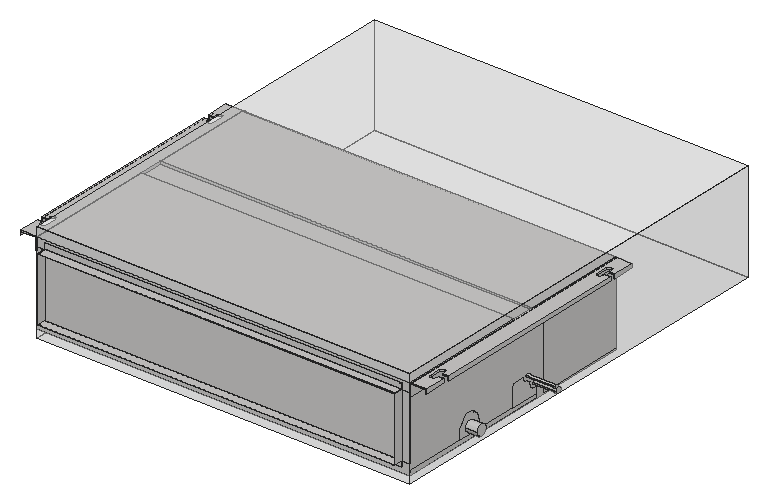
Revit family "outputfile", category 機械設備, Revit 2024
Family settings
  丸型コネクタ寸法 = 半径を使用
  パーツ タイプ = 標準
  OmniClass 番号 = 23.75.10.24.21.27.27
  OmniClass タイトル = Split System Air Conditioning Units
  作業面ベース = いいえ
  常に垂直 = はい
  ロード時にボイドで切り取り = いいえ
  注釈の向きを維持 = いいえ
  共有 = いいえ
  部屋計算ポイント = はい
Parameters (values of type "FDLF40DV14")
  Description = ""
  書き出し IFC クラス(タイプ) = "IfcUnitaryEquipmentType"
  定義済み IFC タイプ(タイプ) = "AIRCONDITIONINGUNIT"
  Cost = 0
  Type Comments = ""
  Keynote = ""
  Type Image = (empty or 0)
  Assembly Code = ""
  switch_frequency = yes
  ld_powersupply = Depth / 2  # 310 mm
  connector_voltage = Voltage_50Hz  # 230 V
  connector_powerinput = [Power Input (Cooling)]  # 0.000 kW
  connector_phase = Phase_50Hz  # 1
  angle_liquidpipe [instance] = if(Right Connection_refrigerant, 90.00°, 270.00°)  # 90.00°
  angle_gaspipe [instance] = if(Right Connection_refrigerant, 90.00°, 270.00°)  # 90.00°
  angle_drainpipe [instance] = if(Right Connection_refrigerant, 90.00°, 270.00°)  # 90.00°
  URL = ""
  Right Connection_refrigerant [instance] = yes
  製造元 = "Daikin"
  モデル = "FDLF40DV14"
  r_Liquid Pipe Size = Liquid Pipe Size / 2  # 3.2 mm
  r_Gas Pipe Size = Gas Pipe Size / 2  # 6.35 mm
  r_Drain Pipe Size = Drain Pipe Size / 2  # 12.5 mm
  lw_powersupply = 50 mm  # constant formula
  lw_ductflange2 = 803 mm
  lw_Width = 860 mm
  lh_suctionflange [instance] = 100 mm  # constant formula
  ld_suctionflange [instance] = if(Rear Connection_Return Air, 190.25 mm, 100.25 mm)  # 190.25 mm
  angle_vertical_RA [instance] = if(Rear Connection_Return Air, 90.00°, 0.00°)  # 90.00°
  angle horizontal_RA [instance] = if(Rear Connection_Return Air, 180.00°, 270.00°)  # 180.00°
  Voltage_comment_50Hz = "220 - 240"
  Voltage_50Hz = 230 V
  Supply Air Direction [instance] = yes
  Sound Power Level_H speed (dB) = 0
  Rear Connection_Return Air [instance] = not(Bottom Connection_Return Air)  # yes
  RA_length [instance] = if(Rear Connection_Return Air, 190.25 mm, 100 mm)  # 190.25 mm
  Phase_50Hz = 1
  Minimum External Static Pressure = 15.00 Pa
  Minimum Circuit Amps_50Hz = 0.0 A
  Maximum Fuse Amps_50Hz = 0.0 A
  Maximum External Static Pressure = 38.00 Pa
  Material_Casing = DAIKIN_GalvanizedSteel_Casing_indoorunit
  lw_liquidpipe = 521 mm
  lw_gaspipe = 508 mm
  lw_mountinghole = 940 mm
  lw_drainpipe = 480 mm
  lh_powersupply = 150 mm  # constant formula
  lh_liquidpipe = 138 mm  # constant formula
  lh_gaspipe = 160 mm  # constant formula
  lh_mountinghole = Height  # 200 mm
  lh_drainpipe = 170 mm  # constant formula
  lh_antena = 1 mm  # constant formula
  ld_liquidpipe = 353 mm  # constant formula
  ld_gaspipe = 375 mm  # constant formula
  ld_mountinghole = 500 mm  # constant formula
  ld_drainpipe = 178 mm  # constant formula
  ld_controlbox = 626 mm  # constant formula
  h*** = 0 mm  # constant formula
  d_dischargeflange = 21.2 mm  # constant formula
  Width = 900 mm
  Version = "ver.1.0"
  Unit Type = "L.S.P. Duct for Living room"
  Unit Mass Weight = 28.00 kg
  Unit Designation [instance] = ""
  Uniclass2015Version = "Products v1.30"
  Uniclass2015Title = "Split coil room air conditioning units"
  Uniclass2015Code = "Pr_70_65_03_86"
  Total Cooling Capacity [instance] = 0.000 kW
  Sound Pressure Level_M speed (dBA) = 33
  Sound Pressure Level_L speed (dBA) = 30
  Sound Pressure Level_H speed (dBA) = 37
  Series = "SkyAir_Fan Coil Unit"
  Sensible Cooling Capacity [instance] = 0.000 kW
  SA Duct Size Width = 860 mm
  SA Duct Size Height = 153 mm
  Refrigerant Type = "R32"
  RA Duct Size Width = 761 mm
  RA Duct Size Height = 160 mm
  Power Input (Cooling) = 0.000 kW
  Option Accessory 3 [instance] = ""
  Option Accessory 2 [instance] = ""
  Option Accessory 1 [instance] = ""
  Nominal Cooling Capacity = 4.000 kW
  Minimum Airflow = 720.00 m³/h
  Median Airflow = 840.00 m³/h
  Maximum Airflow = 960.00 m³/h
  Load Classification = HVAC
  Liquid Pipe Size = 6.4 mm
  Link_Nested Family [instance] = ""
  Left Connection_refrigerant [instance] = not(Right Connection_refrigerant)  # no
  IfcVersion = ""
  IfcExportType = "AIRCONDITIONINGUNIT"
  IfcExportAs = "IfcUnitaryEquipmentType"
  Height = 200 mm
  Heat Exchanger Type = "Cross Fin Coil"
  Gas Pipe Size = 12.7 mm
  Frequency_50Hz = 50 Hz
  Fan Type = "Sirocco Fan"
  Fan Drive = "Direct Drive"
  FCU Tag No. [instance] = ""
  Drain Pipe Size = 25.0 mm
  Design Supply Airflow [instance] = 0.00 m³/h
  Design Return Airflow [instance] = 0.00 m³/h
  Design External Static Pressure [instance] = 0.00 Pa
  Depth = 620 mm
  既定の高さ = 0 mm
  Cooling Entering Wet Bulb Temperature [instance] = 0.00 °C
  Cooling Entering Dry Bulb Temperature [instance] = 0.00 °C
  Cooling Ambient Wet Bulb Temperature [instance] = 0.00 °C
  Cooling Ambient Dry Bulb Temperature [instance] = 0.00 °C
  Clearance visibility [instance] = yes
  Clearance Top = 20 mm
  Clearance Right = 0 mm
  Clearance Rear = 400 mm
  Clearance Left = 0 mm
  Clearance Front = 0 mm
  Clearance Bottom = 20 mm
  Bottom Connection_Return Air [instance] = no
Reference planes
  plane 1 "Center (Front/Back)": y = 0
  plane 2: z = 0
  plane 3 "Center (Left/Right)": x = 0
  plane 4 "Back": y = 310
  plane 5 "Front": y = -310
  plane 6 "Left": x = -450
  plane 7 "Right": x = 450
  plane 8 "Top": z = 0
  plane 9 "Bottom": z = -200
  plane 10: x = -470
  plane 11: x = 470
  plane 12: y = 250
  plane 13: z = 0
  plane 14 "Clearance Left": x = -450
  plane 15 "Clearance Right": x = 450
  plane 16 "Clearance Rear": y = 710
  plane 17 "Clearance Front": y = -310
  plane 18 "Clearance Top": z = 20
  plane 19 "Clearance Bottom": z = -220
  plane 20: y = -250
  plane 21: z = -21
  plane 22: z = -97.5
  plane 23: x = -48.5
  plane 24: y = 119.75
  plane 25: z = -100
  plane 26: y = 65
  plane 27: z = -160
  plane 28: y = 43
  plane 29: z = -138
  plane 30: y = -132
  plane 31: z = -170
  plane 32: x = 508
  plane 33: x = 521
  plane 34: x = 480
  plane 35: x = 400
  plane 36: z = -150
  plane 37: x = -480
  plane 38: x = -521
  plane 39: x = -508
Forms (mm)
  Extrusion 1, solid, material "DAIKIN_GalvanizedSteel_Casing_indoorunit" <- "Material_Casing"
    sketch origin (0, 0, 0) x (1, 0, 0) y (0, 1, 0)
      loop
        line (-450, -310) -> (450, -310) -> (450, 310) -> (-450, 310) -> (-450, -310)
    from -200 to 0
  Extrusion 2, void
    sketch origin (0, 0, 1) x (1, 0, 0) y (0, 1, 0)
      loop
        line (-450, 61.5) -> (-450, 3.5) -> (450, 3.5) -> (450, 61.5) -> (-450, 61.5)
    from -1 to -7
  Extrusion 3, solid, material "DAIKIN_GalvanizedSteel_Casing_indoorunit" <- "Material_Casing", visible <- "Bottom Connection_Return Air"
    sketch origin (0, 0, 0) x (1, 0, 0) y (0, 0, 1)
      loop
        line (352, -199.25) -> (352, -0.75) -> (-449, -0.75) -> (-449, -199.25) -> (352, -199.25)
    from -310 to -309
  Extrusion 4, solid, material "DAIKIN_GalvanizedSteel_Casing_indoorunit" <- "Material_Casing", visible <- "Rear Connection_Return Air"
    sketch origin (0, 0, 0) x (1, 0, 0) y (0, 1, 0)
      loop
        line (-449, 309) -> (-449, 110.5) -> (352, 110.5) -> (352, 309) -> (-449, 309)
    from -200 to -199
  Extrusion 5, solid, material "DAIKIN_GalvanizedSteel_Casing_indoorunit" <- "Material_Casing", visible <- "Right Connection_refrigerant"
    sketch origin (450, 0, 0) x (0, 1, 0) y (0, 0, 1)
      loop
        circle (65, -160) r 6.35
    from 0 to 58
  Extrusion 6, solid, material "DAIKIN_GalvanizedSteel_Casing_indoorunit" <- "Material_Casing", visible <- "Right Connection_refrigerant"
    sketch origin (450, 0, 0) x (0, 1, 0) y (0, 0, 1)
      loop
        circle (43, -138) r 3.2
    from 0 to 71
  Extrusion 7, solid, material "DAIKIN_GalvanizedSteel_Casing_indoorunit" <- "Material_Casing", visible <- "Right Connection_refrigerant"
    sketch origin (450, 0, 0) x (0, 1, 0) y (0, 0, 1)
      loop
        line (-310, -200) -> (70, -200) -> (70, -190) -> (-310, -190) -> (-310, -200)
    from 0 to -1
  Extrusion 8, solid, material "DAIKIN_GalvanizedSteel_Casing_indoorunit" <- "Material_Casing", visible <- "Right Connection_refrigerant"
    sketch origin (450, 0, 0) x (0, 1, 0) y (0, 0, 1)
      loop
        arc (96, -27.5) -> (93.879, -28.379) -> (93, -30.5) r 3
        line (93, -30.5) -> (93, -194.5)
        arc (93, -194.5) -> (93.879, -196.621) -> (96, -197.5) r 3
        line (96, -197.5) -> (310, -197.5) -> (310, -27.5) -> (96, -27.5)
    from 0 to -1
  Extrusion 9, solid, material "DAIKIN_GalvanizedSteel_Casing_indoorunit" <- "Material_Casing", visible <- "Right Connection_refrigerant"
    sketch origin (450, 0, 0) x (0, 1, 0) y (0, 0, 1)
      loop
        arc (-104, -170) -> (-132, -142) -> (-160, -170) r 28
        line (-160, -170) -> (-160, -190) -> (-104, -190) -> (-104, -170)
    from 0 to -1
  Extrusion 10, solid, material "DAIKIN_GalvanizedSteel_Casing_indoorunit" <- "Material_Casing", visible <- "Right Connection_refrigerant"
    sketch origin (450, 0, 0) x (0, 1, 0) y (0, 0, 1)
      loop
        line (70, -190) -> (70, -174.671)
        arc (70, -174.671) -> (54.678, -171.563) -> (49.857, -156.691) r 15.5
        line (49.857, -156.691) -> (43.472, -150.991)
        arc (43.472, -150.991) -> (34.343, -147.698) -> (30.039, -139) r 13
        line (30.039, -139) -> (2, -139)
        arc (2, -139) -> (-0.121, -139.879) -> (-1, -142) r 3
        line (-1, -142) -> (-1, -190) -> (70, -190)
    from 0 to -1
  Extrusion 11, solid, material "DAIKIN_GalvanizedSteel_Casing_indoorunit" <- "Material_Casing", visible <- "Left Connection_refrigerant"
    sketch origin (-450, 0, 0) x (0, 1, 0) y (0, 0, 1)
      loop
        line (-310, -200) -> (70, -200) -> (70, -190) -> (-310, -190) -> (-310, -200)
    from 0 to -1
  Extrusion 12, solid, material "DAIKIN_GalvanizedSteel_Casing_indoorunit" <- "Material_Casing", visible <- "Left Connection_refrigerant"
    sketch origin (-450, 0, 0) x (0, 1, 0) y (0, 0, 1)
      loop
        arc (96, -27.5) -> (93.879, -28.379) -> (93, -30.5) r 3
        line (93, -30.5) -> (93, -194.5)
        arc (93, -194.5) -> (93.879, -196.621) -> (96, -197.5) r 3
        line (96, -197.5) -> (310, -197.5) -> (310, -27.5) -> (96, -27.5)
    from 0 to -1
  Extrusion 13, solid, material "DAIKIN_GalvanizedSteel_Casing_indoorunit" <- "Material_Casing", visible <- "Left Connection_refrigerant"
    sketch origin (-450, 0, 0) x (0, 1, 0) y (0, 0, 1)
      loop
        arc (-104, -170) -> (-132, -142) -> (-160, -170) r 28
        line (-160, -170) -> (-160, -190) -> (-104, -190) -> (-104, -170)
    from 0 to -1
  Extrusion 14, solid, material "DAIKIN_GalvanizedSteel_Casing_indoorunit" <- "Material_Casing", visible <- "Left Connection_refrigerant"
    sketch origin (-450, 0, 0) x (0, 1, 0) y (0, 0, 1)
      loop
        line (70, -190) -> (70, -174.671)
        arc (70, -174.671) -> (54.678, -171.563) -> (49.857, -156.691) r 15.5
        line (49.857, -156.691) -> (43.472, -150.991)
        arc (43.472, -150.991) -> (34.343, -147.698) -> (30.039, -139) r 13
        line (30.039, -139) -> (2, -139)
        arc (2, -139) -> (-0.121, -139.879) -> (-1, -142) r 3
        line (-1, -142) -> (-1, -190) -> (70, -190)
    from 0 to -1
  Extrusion 15, solid, material "DAIKIN_GalvanizedSteel_Casing_indoorunit" <- "Material_Casing", visible <- "Left Connection_refrigerant"
    sketch origin (-450, 0, 0) x (0, 1, 0) y (0, 0, 1)
      loop
        circle (43, -138) r 3.2
    from -71 to 0
  Extrusion 16, solid, material "DAIKIN_GalvanizedSteel_Casing_indoorunit" <- "Material_Casing", visible <- "Left Connection_refrigerant"
    sketch origin (-450, 0, 0) x (0, 1, 0) y (0, 0, 1)
      loop
        circle (65, -160) r 6.35
    from -58 to 0
  Extrusion 17, solid, material "DAIKIN_GalvanizedSteel_Casing_indoorunit" <- "Material_Casing", visible <- "Left Connection_refrigerant"
    sketch origin (-450, 0, 0) x (0, 1, 0) y (0, 0, 1)
      loop
        circle (-132, -170) r 12.5
    from -30 to 0
  Extrusion 18, solid, material "DAIKIN_GalvanizedSteel_Casing_indoorunit" <- "Material_Casing", visible <- "Right Connection_refrigerant"
    sketch origin (450, 0, 0) x (0, 1, 0) y (0, 0, 1)
      loop
        circle (-132, -170) r 12.5
    from 0 to 30
Cuts and joins
  Extrusion 2 cuts Extrusion 1
Dimensions and locks
  "Height": plane 8 "Top" to plane 9 "Bottom"
  equal spacing: plane 10, plane 3 "Center (Left/Right)", plane 11
  "lw_mountinghole": plane 10 to plane 11
  equal spacing: plane 6 "Left", plane 3 "Center (Left/Right)", plane 7 "Right"
  "Width": plane 6 "Left" to plane 7 "Right"
  "Clearance Right": plane 7 "Right" to plane 15 "Clearance Right"
  "Clearance Left": plane 14 "Clearance Left" to plane 6 "Left"
  "Clearance Rear": plane 16 "Clearance Rear" to plane 4 "Back"
  "Clearance Front": plane 5 "Front" to plane 17 "Clearance Front"
  "Clearance Top": plane 18 "Clearance Top" to plane 8 "Top"
  "Clearance Bottom": plane 9 "Bottom" to plane 19 "Clearance Bottom"
  "Depth": plane 4 "Back" to plane 5 "Front"
  equal spacing: plane 4 "Back", plane 1 "Center (Front/Back)", plane 5 "Front"
  Extrusion 3 sketch curve to Extrusion 3 sketch curve = 198.5 mm
  locked: plane 20 to plane 5 "Front" at 60
  "ld_mountinghole": plane 12 to plane 20
  locked: plane 8 "Top" to plane 21 at 21
  locked: plane 23 to plane 3 "Center (Left/Right)" at 48.5
  "ld_suctionflange": plane 4 "Back" to plane 24
  "lh_suctionflange": plane 8 "Top" to plane 25
  "ld_gaspipe": plane 26 to plane 5 "Front"
  "lh_gaspipe": plane 8 "Top" to plane 27
  "ld_liquidpipe": plane 28 to plane 5 "Front"
  "lh_liquidpipe": plane 8 "Top" to plane 29
  "ld_drainpipe": plane 30 to plane 5 "Front"
  "lh_drainpipe": plane 8 "Top" to plane 31
  "lw_powersupply": plane 35 to plane 7 "Right"
  "lh_powersupply": plane 8 "Top" to plane 36
  "lw_gaspipe": plane 3 "Center (Left/Right)" to plane 32
  "lw_liquidpipe": plane 3 "Center (Left/Right)" to plane 33
  "lw_drainpipe": plane 3 "Center (Left/Right)" to plane 34
  "lw_liquidpipe": plane 38 to plane 3 "Center (Left/Right)"
  "lw_gaspipe": plane 39 to plane 3 "Center (Left/Right)"
  "lw_drainpipe": plane 37 to plane 3 "Center (Left/Right)"
  "r_Gas Pipe Size": radius of Extrusion 5 sketch curve
  "r_Liquid Pipe Size": radius of Extrusion 6 sketch curve
  "r_Liquid Pipe Size": radius of Extrusion 15 sketch curve
  "r_Gas Pipe Size": radius of Extrusion 16 sketch curve
  "r_Drain Pipe Size": radius of Extrusion 17 sketch curve
  "r_Drain Pipe Size": radius of Extrusion 18 sketch curve
  aligned and locked: level to plane 2
  aligned and locked: Extrusion 1 to plane 9 "Bottom"
  aligned and locked: plane 8 "Top" to Extrusion 1
  aligned and locked: plane 11 to nested 2
  aligned and locked: plane 10 to nested 3
  aligned and locked: plane 10 to nested 4
  aligned and locked: plane 8 "Top" to Extrusion 2
  aligned and locked: plane 9 "Bottom" to Extrusion 4  (x2)
  aligned and locked: plane 7 "Right" to cut or joined group of Extrusion 1, Extrusion 2  (x2)
  aligned and locked: plane 3 "Center (Left/Right)" to nested 9
  aligned and locked: plane 6 "Left" to nested 7
  aligned and locked: plane 8 "Top" to nested 9
  aligned and locked: plane 11 to nested 1
  aligned and locked: nested 6 to plane 1 "Center (Front/Back)"
  aligned and locked: plane 3 "Center (Left/Right)" to nested 6
  aligned and locked: level to plane 8 "Top"
  aligned and locked: plane 1 "Center (Front/Back)" to nested 9
  aligned and locked: plane 5 "Front" to nested 10
  aligned and locked: Extrusion 1 sketch curve to plane 5 "Front"
  aligned and locked: plane 21 to nested 10
  aligned and locked: nested 5 to plane 5 "Front"
  aligned and locked: plane 3 "Center (Left/Right)" to nested 5
  aligned and locked: plane 22 to nested 5
  aligned and locked: Extrusion 2 sketch curve to plane 6 "Left"
  aligned and locked: plane 7 "Right" to Extrusion 2 sketch curve
  aligned and locked: nested 11 to plane 23
  aligned and locked: nested 11 to plane 24
  aligned and locked: plane 27 to Extrusion 5 sketch curve
  aligned and locked: plane 26 to Extrusion 5 sketch curve
  aligned and locked: plane 28 to Extrusion 6 sketch curve
  aligned and locked: plane 29 to Extrusion 6 sketch curve
  aligned and locked: plane 32 to Extrusion 5
  aligned and locked: plane 33 to Extrusion 6
  aligned and locked: Extrusion 7 sketch curve to plane 9 "Bottom"
  aligned and locked: Extrusion 7 sketch curve to plane 5 "Front"
  aligned and locked: plane 14 "Clearance Left" to nested 12
  aligned and locked: plane 15 "Clearance Right" to nested 12
  aligned and locked: plane 16 "Clearance Rear" to nested 12
  aligned and locked: nested 12 to plane 17 "Clearance Front"
  aligned and locked: nested 12 to plane 18 "Clearance Top"
  aligned and locked: nested 12 to plane 19 "Clearance Bottom"
  aligned and locked: nested 13 to plane 35
  aligned and locked: nested 13 to plane 36
  aligned and locked: plane 4 "Back" to nested 13
  aligned and locked: nested 14 to plane 26
  aligned and locked: plane 3 "Center (Left/Right)" to nested 14
  aligned and locked: nested 14 to plane 27
  aligned and locked: nested 15 to plane 28
  aligned and locked: plane 3 "Center (Left/Right)" to nested 15
  aligned and locked: nested 15 to plane 29
  aligned and locked: nested 16 to plane 30
  aligned and locked: plane 3 "Center (Left/Right)" to nested 16
  aligned and locked: nested 16 to plane 31
  aligned and locked: plane 29 to Extrusion 15 sketch curve
  aligned and locked: plane 28 to Extrusion 15 sketch curve
  aligned and locked: Extrusion 15 to plane 38
  aligned and locked: plane 6 "Left" to Extrusion 15
  aligned and locked: plane 26 to Extrusion 16 sketch curve
  aligned and locked: plane 27 to Extrusion 16 sketch curve
  aligned and locked: Extrusion 16 to plane 39
  aligned and locked: plane 6 "Left" to Extrusion 16
  aligned and locked: plane 30 to Extrusion 17 sketch curve
  aligned and locked: Extrusion 17 to plane 37
  aligned and locked: plane 6 "Left" to Extrusion 17
  aligned and locked: Extrusion 5 to plane 7 "Right"
  aligned and locked: Extrusion 6 to plane 7 "Right"
  aligned and locked: plane 30 to Extrusion 18 sketch curve
  aligned and locked: plane 31 to Extrusion 18 sketch curve
  aligned and locked: plane 34 to Extrusion 18
  aligned and locked: Extrusion 18 to plane 7 "Right"
Automatic sketch dimensions
  Extrusion 1 sketch curve to plane 4 "Back" = 0 mm
  Extrusion 1 sketch curve to plane 6 "Left" = 0 mm
  Extrusion 1 sketch curve to plane 7 "Right" = 0 mm
  Extrusion 2 sketch curve to plane 1 "Center (Front/Back)" = 3.5 mm
  Extrusion 2 sketch curve to plane 26 = 3.5 mm
  plane 9 "Bottom" to Extrusion 3 sketch curve = 0.75 mm
  plane 6 "Left" to Extrusion 3 sketch curve = 1 mm
  Extrusion 3 sketch curve to plane 35 = 48 mm
  Extrusion 4 sketch curve to plane 4 "Back" = 1 mm
  plane 6 "Left" to Extrusion 4 sketch curve = 1 mm
  Extrusion 4 sketch curve to plane 35 = 48 mm
  Extrusion 4 sketch curve to plane 24 = 9.25 mm
  plane 26 to Extrusion 7 sketch curve = 5 mm
  Extrusion 7 sketch curve to Extrusion 7 sketch curve = 10 mm
  Extrusion 8 sketch curve to plane 21 = 9.5 mm
  Extrusion 8 sketch curve to plane 24 = 23.75 mm  (x2)
  plane 9 "Bottom" to Extrusion 8 sketch curve = 5.5 mm
  Extrusion 8 sketch curve to Extrusion 8 sketch curve = 3 mm
  Extrusion 9 sketch curve to plane 31 = 0 mm
  Extrusion 9 sketch curve to plane 30 = 0 mm
  plane 9 "Bottom" to Extrusion 9 sketch curve = 10 mm
  Extrusion 9 sketch curve to plane 30 = 28 mm
  Extrusion 10 sketch curve to plane 28 = 0 mm
  Extrusion 10 sketch curve to plane 26 = 0 mm
  Extrusion 10 sketch curve to plane 27 = 0 mm
  Extrusion 10 sketch curve to plane 29 = 0 mm
  Extrusion 10 sketch curve to plane 29 = 1 mm
  Extrusion 10 sketch curve to plane 28 = 12.961 mm
  Extrusion 10 sketch curve to plane 1 "Center (Front/Back)" = 2 mm
  plane 1 "Center (Front/Back)" to Extrusion 10 sketch curve = 1 mm
  plane 28 to Extrusion 10 sketch curve = 0.472 mm
  plane 27 to Extrusion 10 sketch curve = 3.309 mm
  plane 28 to Extrusion 10 sketch curve = 6.857 mm
  plane 26 to Extrusion 10 sketch curve = 5 mm
  plane 9 "Bottom" to Extrusion 10 sketch curve = 10 mm
  Extrusion 8 sketch curve to plane 4 "Back" = 0 mm
  Extrusion 17 sketch curve to plane 31 = 0 mm
  Extrusion 12 sketch curve to plane 4 "Back" = 0 mm
  plane 9 "Bottom" to Extrusion 12 sketch curve = 5.5 mm
  Extrusion 12 sketch curve to plane 24 = 23.75 mm  (x2)
  Extrusion 12 sketch curve to plane 21 = 6.5 mm
  Extrusion 12 sketch curve to Extrusion 12 sketch curve = 3 mm
  Extrusion 14 sketch curve to plane 28 = 0 mm
  Extrusion 14 sketch curve to plane 26 = 0 mm
  Extrusion 14 sketch curve to plane 27 = 0 mm
  Extrusion 14 sketch curve to plane 29 = 0 mm
  Extrusion 14 sketch curve to plane 29 = 1 mm
  Extrusion 14 sketch curve to plane 28 = 12.961 mm
  Extrusion 14 sketch curve to plane 1 "Center (Front/Back)" = 2 mm
  plane 1 "Center (Front/Back)" to Extrusion 14 sketch curve = 1 mm
  plane 28 to Extrusion 14 sketch curve = 0.472 mm
  plane 27 to Extrusion 14 sketch curve = 3.309 mm
  plane 28 to Extrusion 14 sketch curve = 6.857 mm
  plane 26 to Extrusion 14 sketch curve = 5 mm
  plane 9 "Bottom" to Extrusion 14 sketch curve = 10 mm
  Extrusion 11 sketch curve to plane 5 "Front" = 0 mm
  Extrusion 11 sketch curve to plane 9 "Bottom" = 0 mm
  plane 26 to Extrusion 11 sketch curve = 5 mm
  Extrusion 11 sketch curve to Extrusion 11 sketch curve = 10 mm
  Extrusion 13 sketch curve to plane 31 = 0 mm
  Extrusion 13 sketch curve to plane 30 = 0 mm
  plane 9 "Bottom" to Extrusion 13 sketch curve = 10 mm
  Extrusion 13 sketch curve to plane 30 = 28 mm
Nested families
  nested 1: "daikin_mountinghole" at (470, 250, -200), l_antenna <- "lh_antena", Link_Nested Family <- "Link_Nested Family", h_mountinghole <- "lh_mountinghole", type "daikin_mountinghole"
    with show yes, l_antenna 1 mm, h_mountinghole 200 mm, Link_Nested Family ""
  nested 2: "daikin_mountinghole" at (470, -250, -200), Link_Nested Family <- "Link_Nested Family", l_antenna <- "lh_antena", h_mountinghole <- "lh_mountinghole", type "daikin_mountinghole"
    with show yes, l_antenna 1 mm, h_mountinghole 200 mm, Link_Nested Family ""
  nested 3: "daikin_mountinghole" at (-470, -250, -200), l_antenna <- "lh_antena", Link_Nested Family <- "Link_Nested Family", h_mountinghole <- "lh_mountinghole", type "daikin_mountinghole"
    with show yes, l_antenna 1 mm, h_mountinghole 200 mm, Link_Nested Family ""
  nested 4: "daikin_mountinghole" at (-470, 250, -200), l_antenna <- "lh_antena", Link_Nested Family <- "Link_Nested Family", h_mountinghole <- "lh_mountinghole", type "daikin_mountinghole"
    with show yes, l_antenna 1 mm, h_mountinghole 200 mm, Link_Nested Family ""
  nested 5: "daikin_connector_rotate2" at (0, -310, -97.5), length <- "d_dischargeflange", type "daikin_connector_rotate2"
    with radius 10 mm, length 21.2 mm, angle_vertical 90.00°, show_face no
  nested 6: "daikin_△_symbolicline" at (-75, -129.904, 200) x (-0.5, 0.866, 0) z (0, 0, 1), built-in parameter 1001364 <- "Height", visible <- "Supply Air Direction", type "daikin_△_symbolicline"
    with length 300 mm
  nested 7: "daikin_ductflange_FDLF-DV14_1" at (-48.5, 310, -100), visible <- "Rear Connection_Return Air", material <- "Material_Casing", width <- "lw_ductflange2", type "daikin_ductflange_FDLF-DV14_1"
    with width 803 mm, material DAIKIN_GalvanizedSteel_Casing_indoorunit, height 180 mm, depth 21.2 mm
  nested 8: "daikin_ductflange_FDLF-DV14_1" at (-48.5, 209.75, -200) x (1, 0, 0) z (0, 1, 0), visible <- "Bottom Connection_Return Air", material <- "Material_Casing", width <- "lw_ductflange2", type "daikin_ductflange_FDLF-DV14_1"
    with width 803 mm, material DAIKIN_GalvanizedSteel_Casing_indoorunit, height 180 mm, depth 21.2 mm
  nested 9: "daikin_hangerfixture_FDLF-DV14" at (0, 0, 0), type "daikin_hangerfixture_FDLF-DV14"
  nested 10: "daikin_ductflange_FDLF-DV14" at (0, 3.5, -364.201), width <- "lw_Width", material <- "Material_Casing", type "daikin_ductflange_FDLF-DV14"
    with width 860 mm, material DAIKIN_GalvanizedSteel_Casing_indoorunit, height 155 mm, depth 21.2 mm
  nested 11: "daikin_connector_rotate3" at (-48.5, 119.75, -100), length <- "RA_length", angle_vertical <- "angle_vertical_RA", angle_horizontal <- "angle horizontal_RA", type "daikin_connector_rotate3"
    with show no, radius 10 mm, length 190.25 mm, angle_vertical 90.00°, angle_horizontal 180.00°
  nested 12: "daikin_clearancespace" at (0, 200, -99.881), visible <- "Clearance visibility", Link_Nested Family <- "Link_Nested Family", show <- "Clearance visibility", type "daikin_clearancespace"
    with width 900 mm, show yes, height 240 mm, depth 1020 mm, Link_Nested Family ""
  nested 13: "daikin_connector_rotate2" at (400, 0, -150) x (-1, 0, 0) z (0, 0, 1), length <- "ld_powersupply", type "daikin_connector_rotate2"
    with radius 10 mm, length 310 mm, angle_vertical 90.00°, show_face no
  nested 14: "daikin_connector_rotate3" at (0, 65, -160), angle_vertical <- "angle_gaspipe", radius <- "r_Gas Pipe Size", length <- "lw_gaspipe", type "daikin_connector_rotate3"
    with show no, radius 6.35 mm, length 508 mm, angle_vertical 90.00°, angle_horizontal 90.00°
  nested 15: "daikin_connector_rotate3" at (0, 43, -138), angle_vertical <- "angle_liquidpipe", length <- "lw_liquidpipe", radius <- "r_Liquid Pipe Size", type "daikin_connector_rotate3"
    with show no, radius 3.2 mm, length 521 mm, angle_vertical 90.00°, angle_horizontal 90.00°
  nested 16: "daikin_connector_rotate3" at (0, -132, -170), angle_vertical <- "angle_drainpipe", length <- "lw_drainpipe", radius <- "r_Drain Pipe Size", type "daikin_connector_rotate3"
    with show no, radius 12.5 mm, length 480 mm, angle_vertical 90.00°, angle_horizontal 90.00°
Connectors
  hvac at (0, -331.2, -97.5), driven by "SA Duct Size Height", driven by "SA Duct Size Width"
    settings: on nested 5, index 1, duct flow 0.00 m³/h, flow factor 0, pres drop 0.00 Pa, loss coef 0, conn angle 0.00°, conn width 860.0 mm, conn height 153.0 mm, conn diameter 609.6 mm, duct sys type 1, conn prof type 1, flow config 0, flow direction 2, loss method 4, conn ref index -1, conn util no, is conn primary yes, conn desc "SA Duct"
  hvac at (-48.5, 310, -100), driven by "RA Duct Size Height", driven by "RA Duct Size Width"
    settings: on nested 11, index 2, duct flow 0.00 m³/h, flow factor 0, pres drop 0.00 Pa, loss coef 0, conn angle 0.00°, conn width 761.0 mm, conn height 160.0 mm, conn diameter 609.6 mm, duct sys type 2, conn prof type 1, flow config 0, flow direction 1, loss method 4, conn ref index -1, conn util no, is conn primary no, conn desc "RA Duct"
  electrical at (400, 310, -150), driven by "Load Classification", driven by "connector_powerinput", driven by "connector_voltage", driven by "connector_phase"
    settings: on nested 13, index 6, voltage 230 V, apparent load 0 VA, apparent load phase1 0 VA, apparent load phase2 0 VA, apparent load phase3 0 VA, power factor 1, load classification "HVAC", number of poles 1, system type 30, power factor state 1, is connector primary yes, connector utility no, sub classification motor no, connector description "Power Supply"
  piping at (508, 65, -160), diameter 12.7, driven by "r_Gas Pipe Size"
    settings: on nested 14, index 7, connector inside diameter 609.6 mm, connector length 0 mm, flow factor 0, pipe flow 0.00 m³/h, pressure drop 0.0 Pa, fitting loss kfactor 0, connector angle 0.00°, fixture units 0, engagement length 0 mm, angle of deflection 0.00°, flow configuration 1, flow direction 2, fitting loss method 0, system type 29, joint type 0, gender type 0, connector reference index -1, connector utility 0, adjustable connector no, is connector primary yes, connector description "Refrigerant Gas Piping"
  piping at (521, 43, -138), diameter 6.4, driven by "r_Liquid Pipe Size"
    settings: on nested 15, index 8, connector inside diameter 609.6 mm, connector length 0 mm, flow factor 0, pipe flow 0.00 m³/h, pressure drop 0.0 Pa, fitting loss kfactor 0, connector angle 0.00°, fixture units 0, engagement length 0 mm, angle of deflection 0.00°, flow configuration 1, flow direction 1, fitting loss method 0, system type 29, joint type 0, gender type 0, connector reference index -1, connector utility 0, adjustable connector no, is connector primary no, connector description "Refrigerant Liquid Piping"
  piping at (480, -132, -170), diameter 25, driven by "r_Drain Pipe Size"
    settings: on nested 16, index 9, connector inside diameter 609.6 mm, connector length 0 mm, flow factor 0, pipe flow 0.00 m³/h, pressure drop 0.0 Pa, fitting loss kfactor 0, connector angle 0.00°, fixture units 0, engagement length 0 mm, angle of deflection 0.00°, flow configuration 1, flow direction 2, fitting loss method 4, system type 16, joint type 0, gender type 0, connector reference index -1, connector utility 0, adjustable connector no, is connector primary no, connector description "Condensate Drain Piping"
Definition of nested family "daikin_ductflange_FDLF-DV14_1"
  Parameters (values of type "daikin_ductflange_FDLF-DV14_1")
    width [instance] = 620 mm
    material [instance] = none
    height [instance] = 180 mm
    depth [instance] = 21.2 mm
    Default Elevation = 0 mm
  Reference planes
    plane 1 "Center (Front/Back)": y = 0
    plane 2: z = 0
    plane 3 "Center (Left/Right)": x = 0
    plane 4: x = -310
    plane 5: x = 310
    plane 6: z = 100.25
    plane 7: z = -100.25
    plane 8: x = -309
    plane 9: x = 309
  Forms (mm)
    Extrusion 1, solid, material <- "material"
      sketch origin (0, 0, 0) x (1, 0, 0) y (0, 0, 1)
        loop
          line (-289, 80) -> (-289, -80) -> (289, -80) -> (289, 80) -> (-289, 80)
        loop
          line (-309, -99.25) -> (309, -99.25) -> (309, 99.25) -> (-309, 99.25) -> (-309, -99.25)
      from 0 to 1
  Dimensions and locks
    equal spacing: plane 5, plane 3 "Center (Left/Right)", plane 4, locked at 310 each
    "width": plane 5 to plane 4
    plane 8 to plane 4 = 1 mm
    locked: plane 5 to plane 9 at 1
    locked: Extrusion 1 sketch curve to Extrusion 1 sketch curve at 20  (x2)
    plane 6 to Extrusion 1 sketch curve = 1 mm
    locked: Extrusion 1 sketch curve to plane 7 at 1
    aligned and locked: level to plane 2
  Automatic sketch dimensions
    plane 4 to Extrusion 1 sketch curve = 1 mm
    Extrusion 1 sketch curve to plane 5 = 1 mm
    Extrusion 1 sketch curve to plane 6 = 20.25 mm
    plane 7 to Extrusion 1 sketch curve = 20.25 mm
Definition of nested family "daikin_hangerfixture_FDLF-DV14"
  Parameters (values of type "daikin_hangerfixture_FDLF-DV1")
    width = 900 mm
    material = none
    height = 30 mm
    depth = 620 mm
    Default Elevation = 0 mm
  Reference planes
    plane 1 "Center (Front/Back)": y = 0
    plane 2: z = 0
    plane 3 "Center (Left/Right)": x = 0
    plane 4: x = 450
    plane 5: y = 310
    plane 6: y = -310
    plane 7: x = -450
    plane 8: z = -30
  Forms (mm)
    Extrusion 1, solid, material <- "material"
      sketch origin (0, 0, 0) x (1, 0, 0) y (0, 0, 1)
        loop
          line (450, 0) -> (450, -30) -> (452.3, -30) -> (452.3, -2.3) -> (487.7, -2.3) -> (487.7, -10) -> (490, -10) -> (490, 0) -> (450, 0)
      from -310 to 310
    Extrusion 2, void
      sketch origin (0, 0, 0) x (0, 1, 0) y (0, 0, 1)
        loop
          line (310, -30) -> (310, -17.979) -> (87.935, -17.979) -> (75.914, -30) -> (310, -30)
      from -786.78 to 600.701
    Extrusion 3, void
      sketch origin (0, 0, 0) x (1, 0, 0) y (0, 1, 0)
        loop
          line (490, -244.5) -> (477, -244.5) -> (477, -238)
          arc (477, -238) -> (470, -231) -> (463, -238) r 7
          line (463, -238) -> (463, -264)
          arc (463, -264) -> (470, -271) -> (477, -264) r 7
          line (477, -264) -> (477, -257.5) -> (490, -257.5) -> (490, -244.5)
        loop
          line (490, 244.5) -> (490, 257.5) -> (477, 257.5) -> (477, 264)
          arc (477, 264) -> (470, 271) -> (463, 264) r 7
          line (463, 264) -> (463, 238)
          arc (463, 238) -> (470, 231) -> (477, 238) r 7
          line (477, 238) -> (477, 244.5) -> (490, 244.5)
      from -254.96 to 618
    Extrusion 4, solid, material <- "material"
      sketch origin (0, 0, 0) x (-1, 0, 0) y (0, 0, -1)
        loop
          line (450, 0) -> (490, 0) -> (490, 10) -> (487.7, 10) -> (487.7, 2.3) -> (452.3, 2.3) -> (452.3, 30) -> (450, 30) -> (450, 0)
      from -310 to 310
    Extrusion 5, void
      sketch origin (0, 0, 0) x (-1, 0, 0) y (0, -1, 0)
        loop
          line (490, 244.5) -> (490, 257.5) -> (477, 257.5) -> (477, 264)
          arc (477, 264) -> (470, 271) -> (463, 264) r 7
          line (463, 264) -> (463, 238)
          arc (463, 238) -> (470, 231) -> (477, 238) r 7
          line (477, 238) -> (477, 244.5) -> (490, 244.5)
        loop
          line (490, -244.5) -> (477, -244.5) -> (477, -238)
          arc (477, -238) -> (470, -231) -> (463, -238) r 7
          line (463, -238) -> (463, -264)
          arc (463, -264) -> (470, -271) -> (477, -264) r 7
          line (477, -264) -> (477, -257.5) -> (490, -257.5) -> (490, -244.5)
      from -254.96 to 618
  Cuts and joins
    Extrusion 2, Extrusion 3, Extrusion 5 cuts Extrusion 1
    Extrusion 2, Extrusion 5 cuts Extrusion 4
  Dimensions and locks
    equal spacing: plane 5, plane 1 "Center (Front/Back)", plane 6
    "depth": plane 5 to plane 6
    plane 6 to plane 1 "Center (Front/Back)" to plane 5 = 310 mm, 310 mm
    equal spacing: plane 4, plane 3 "Center (Left/Right)", plane 7
    "width": plane 4 to plane 7
    "height": level to plane 8
    aligned and locked: level to plane 2
    aligned and locked: plane 5 to Extrusion 1
    aligned and locked: Extrusion 1 to plane 6
    aligned and locked: Extrusion 1 to plane 4
    aligned and locked: plane 5 to cut or joined group of Extrusion 1, Extrusion 2, Extrusion 3, Extrusion 5
    aligned and locked: cut or joined group of Extrusion 1, Extrusion 2, Extrusion 3, Extrusion 5 to plane 6
    aligned and locked: level to cut or joined group of Extrusion 1, Extrusion 2, Extrusion 3, Extrusion 5
    aligned and locked: cut or joined group of Extrusion 1, Extrusion 2, Extrusion 3, Extrusion 5 to plane 8
    aligned and locked: plane 5 to cut or joined group of Extrusion 2, Extrusion 4, Extrusion 5
    aligned and locked: cut or joined group of Extrusion 2, Extrusion 4, Extrusion 5 to plane 6
  Automatic sketch dimensions
    Extrusion 1 sketch curve to plane 4 = 0 mm
    Extrusion 1 sketch curve to plane 8 = 0 mm
    Extrusion 1 sketch curve to level = 0 mm
    plane 4 to Extrusion 1 sketch curve = 2.3 mm
    Extrusion 1 sketch curve to level = 2.3 mm
    Extrusion 1 sketch curve to Extrusion 1 sketch curve = 35.4 mm
    Extrusion 1 sketch curve to Extrusion 1 sketch curve = 2.3 mm
    Extrusion 1 sketch curve to Extrusion 1 sketch curve = 7.7 mm
    Extrusion 2 sketch curve to plane 8 = 0 mm
    Extrusion 2 sketch curve to plane 5 = 0 mm
    plane 8 to Extrusion 2 sketch curve = 12.021 mm
    Extrusion 2 sketch curve to plane 1 "Center (Front/Back)" = 87.935 mm
    Extrusion 2 sketch curve to Extrusion 2 sketch curve = 12.021 mm
    plane 4 to Extrusion 3 sketch curve = 13 mm  (x2)
    Extrusion 3 sketch curve to Extrusion 3 sketch curve = 7 mm  (x4)
    Extrusion 3 sketch curve to Extrusion 3 sketch curve = 13 mm  (x4)
    plane 6 to Extrusion 3 sketch curve = 46 mm
    Extrusion 3 sketch curve to Extrusion 3 sketch curve = 6.5 mm  (x4)
    Extrusion 3 sketch curve to plane 5 = 72 mm
    Extrusion 4 sketch curve to plane 7 = 0 mm
    Extrusion 4 sketch curve to plane 8 = 0 mm
    Extrusion 4 sketch curve to level = 0 mm
    Extrusion 4 sketch curve to plane 7 = 2.3 mm
    Extrusion 4 sketch curve to level = 2.3 mm
    Extrusion 4 sketch curve to Extrusion 4 sketch curve = 35.4 mm
    Extrusion 4 sketch curve to Extrusion 4 sketch curve = 2.3 mm
    Extrusion 4 sketch curve to Extrusion 4 sketch curve = 7.7 mm
    Extrusion 5 sketch curve to plane 7 = 13 mm  (x2)
    Extrusion 5 sketch curve to Extrusion 5 sketch curve = 7 mm  (x4)
    Extrusion 5 sketch curve to Extrusion 5 sketch curve = 13 mm  (x4)
    Extrusion 5 sketch curve to plane 5 = 46 mm
    Extrusion 5 sketch curve to Extrusion 5 sketch curve = 6.5 mm  (x4)
    plane 6 to Extrusion 5 sketch curve = 72 mm
Definition of nested family "daikin_ductflange_FDLF-DV14"
  Parameters (values of type "daikin_ductflange_FXDQ-NDVET")
    width [instance] = 660 mm
    material [instance] = none
    height [instance] = 155 mm
    depth [instance] = 21.2 mm
    Default Elevation = 0 mm
  Reference planes
    plane 1 "Center (Front/Back)": y = 0
    plane 2: z = 189.201
    plane 3 "Center (Left/Right)": x = 0
    plane 4: y = -313.5
    plane 5: x = -330
    plane 6: x = 330
    plane 7: y = -334.7
    plane 8: z = 344.201
    plane 9: z = 266.701
    plane 10: z = 343.201
    plane 11: z = 190.201
  Forms (mm)
    Extrusion 1, solid, material <- "material"
      sketch origin (0, 0, 189.201) x (1, 0, 0) y (0, 1, 0)
        loop
          line (-330, -334.7) -> (-330, -313.5) -> (-350, -313.5) -> (-350, -314.5) -> (-331, -314.5) -> (-331, -334.7) -> (-330, -334.7)
        loop
          line (330, -334.7) -> (331, -334.7) -> (331, -314.5) -> (350, -314.5) -> (350, -313.5) -> (330, -313.5) -> (330, -334.7)
      from 1 to 154
    Extrusion 2, solid, material <- "material"
      sketch origin (0, 0, 0) x (0, 1, 0) y (0, 0, 1)
        loop
          line (-313.5, 343.201) -> (-313.5, 358.201) -> (-314.5, 358.201) -> (-314.5, 344.201) -> (-334.7, 344.201) -> (-334.7, 343.201) -> (-313.5, 343.201)
        loop
          line (-313.5, 190.201) -> (-334.7, 190.201) -> (-334.7, 189.201) -> (-314.5, 189.201) -> (-314.5, 175.201) -> (-313.5, 175.201) -> (-313.5, 190.201)
      from -330 to 330
  Dimensions and locks
    plane 4 to plane 1 "Center (Front/Back)" = 313.5 mm
    "depth": plane 7 to plane 4
    equal spacing: plane 8, plane 9, level
    "height": plane 8 to level
    equal spacing: plane 6, plane 3 "Center (Left/Right)", plane 5
    "width": plane 6 to plane 5
    locked: plane 8 to plane 10 at 1
    locked: plane 11 to level at 1
    locked: Extrusion 1 to Extrusion 2 sketch curve at 1
    locked: Extrusion 2 sketch curve to Extrusion 1 at 1
    plane 10 to plane 11 = 153 mm
    aligned and locked: level to plane 2
    aligned and locked: Extrusion 2 to plane 5
    aligned and locked: Extrusion 2 to plane 11
    aligned and locked: Extrusion 2 to plane 10
    aligned and locked: plane 6 to Extrusion 2
    aligned and locked: plane 5 to Extrusion 2  (x2)
    aligned and locked: plane 5 to Extrusion 1  (x2)
    aligned and locked: Extrusion 1 to plane 6
    aligned and locked: plane 6 to Extrusion 1
    aligned and locked: Extrusion 1 to plane 10
  Automatic sketch dimensions
    Extrusion 2 sketch curve to plane 7 = 0 mm  (x2)
    Extrusion 2 sketch curve to plane 4 = 0 mm  (x2)
    Extrusion 2 sketch curve to plane 11 = 0 mm
    Extrusion 2 sketch curve to plane 10 = 0 mm
    Extrusion 2 sketch curve to plane 4 = 1 mm  (x2)
    Extrusion 2 sketch curve to level = 14 mm
    plane 8 to Extrusion 2 sketch curve = 14 mm
    Extrusion 1 sketch curve to plane 4 = 0 mm  (x2)
    Extrusion 1 sketch curve to plane 7 = 0 mm  (x2)
    Extrusion 1 sketch curve to plane 5 = 0 mm
    Extrusion 1 sketch curve to plane 6 = 0 mm
    Extrusion 1 sketch curve to plane 5 = 1 mm
    Extrusion 1 sketch curve to Extrusion 1 sketch curve = 19 mm  (x2)
    Extrusion 1 sketch curve to Extrusion 1 sketch curve = 1 mm
    Extrusion 1 sketch curve to plane 4 = 1 mm  (x2)
Definition of nested family "daikin_clearancespace"
  Parameters (values of type "daikin_clearancespace")
    Description = "daikin_clearancespace"
    width [instance] = 1823.963 mm
    show [instance] = yes
    material = none
    height [instance] = 1359.762 mm
    depth [instance] = 880 mm
    Default Elevation = 0 mm
    Link_Nested Family [instance] = ""
  Reference planes
    plane 1 "Center (Front/Back)": y = 0
    plane 2 "Center (Elevation)": z = -0.119
    plane 3 "Center (Left/Right)": x = 0
    plane 4: y = 440
    plane 5: y = -440
    plane 6 "Right": x = 911.982
    plane 7 "Left": x = -911.982
    plane 8 "Top": z = 679.762
    plane 9 "Bottom": z = -680
  Forms (mm)
    Extrusion 1, solid, material <- "material", visible <- "show"
      sketch origin (0, 0, 0) x (1, 0, 0) y (0, 1, 0)
        loop
          line (-911.982, 440) -> (-911.982, -440) -> (911.982, -440) -> (911.982, 440) -> (-911.982, 440)
      from -680 to 679.762
  Lines and regions (mm)
    symbolic lines, visible <- "show"
      curve 1: line (911.982, 440, 0) -> (-911.982, 440, 0)
      curve 2: line (-911.982, 440, 0) -> (-911.982, -440, 0)
      curve 3: line (-911.982, -440, 0) -> (911.982, -440, 0)
      curve 4: line (911.982, -440, 0) -> (911.982, 440, 0)
      curve 5: line (911.982, 0, 679.762) -> (-911.982, 0, 679.762)
      curve 6: line (911.982, 0, -680) -> (911.982, 0, 679.762)
      curve 7: line (-911.982, 0, -680) -> (911.982, 0, -680)
      curve 8: line (-911.982, 0, 679.762) -> (-911.982, 0, -680)
      curve 9: line (0, 440, 679.762) -> (0, -440, 679.762)
      curve 10: line (0, -440, 679.762) -> (0, -440, -680)
      curve 11: line (0, 440, -680) -> (0, 440, 679.762)
      curve 12: line (0, -440, -680) -> (0, 440, -680)
  Dimensions and locks
    "width": plane 7 "Left" to plane 6 "Right"
    "depth": plane 4 to plane 5
    "height": plane 8 "Top" to plane 9 "Bottom"
    equal spacing: plane 7 "Left", plane 3 "Center (Left/Right)", plane 6 "Right"
    equal spacing: plane 4, plane 1 "Center (Front/Back)", plane 5
    equal spacing: plane 8 "Top", plane 2 "Center (Elevation)", plane 9 "Bottom"
    aligned and locked: level to plane 2 "Center (Elevation)"
    aligned and locked: Extrusion 1 sketch curve to plane 4
    aligned and locked: plane 7 "Left" to Extrusion 1 sketch curve
    aligned and locked: Extrusion 1 sketch curve to plane 5
    aligned and locked: Extrusion 1 sketch curve to plane 6 "Right"
    aligned and locked: plane 8 "Top" to Extrusion 1
    aligned and locked: curve 1 to Extrusion 1
    aligned and locked: curve 2 to Extrusion 1
    aligned and locked: curve 3 to Extrusion 1
    aligned and locked: curve 4 to Extrusion 1
    aligned and locked: curve 5 to Extrusion 1
    aligned and locked: curve 6 to Extrusion 1
    aligned and locked: curve 7 to Extrusion 1
    aligned and locked: curve 8 to Extrusion 1
    aligned and locked: curve 9 to Extrusion 1
    aligned and locked: curve 10 to Extrusion 1
    aligned and locked: curve 11 to Extrusion 1
    aligned and locked: curve 12 to Extrusion 1
    aligned and locked: Extrusion 1 to plane 9 "Bottom"
Definition of nested family "daikin_mountinghole"
  Parameters (values of type "daikin_mountinghole")
    Default Elevation = 1219.2 mm
    Type Comments = "mountinghole"
    show [instance] = yes
    material = none
    l_centerline = 100 mm
    l_antenna [instance] = 100 mm
    h_mountinghole [instance] = 0 mm
    d_circle = 30 mm
    Link_Nested Family [instance] = ""
  Reference planes
    plane 1 "Center (Front/Back)": y = 0
    plane 2: z = 0
    plane 3 "Center (Left/Right)": x = 0
    plane 4: y = 50
    plane 5: x = -50
    plane 6: x = 50
    plane 7: y = -50
    plane 8 "h_mountinghole": z = 0
    plane 9: z = 100
  Lines and regions (mm)
    model lines, detail levels fine
      curve 1: circle (0, 0, 0) r 15 normal (0, 0, 1)
      curve 2: line (-50, 0, 0) -> (50, 0, 0)
      curve 3: line (0, 50, 0) -> (0, -50, 0)
    symbolic lines, detail levels fine
      curve 4: circle (0, 0, 0) r 15 normal (0, 0, 1)
      curve 5: line (-50, 0, 0) -> (50, 0, 0)
      curve 6: line (0, 50, 0) -> (0, -50, 0)
    model lines
      curve 7: line (0, 0, 100) -> (0, 0, 0)
  Dimensions and locks
    equal spacing: plane 4, plane 1 "Center (Front/Back)", plane 7
    "l_centerline": plane 4 to plane 7
    equal spacing: plane 5, plane 3 "Center (Left/Right)", plane 6
    "l_centerline": plane 5 to plane 6
    "l_antenna": plane 9 to plane 8 "h_mountinghole"
    "h_mountinghole": plane 8 "h_mountinghole" to plane 2
    "d_circle": diameter of curve 1
    "d_circle": diameter of curve 4
    aligned and locked: level to plane 2
    aligned and locked: plane 1 "Center (Front/Back)" to curve 1
    aligned and locked: plane 3 "Center (Left/Right)" to curve 1
    aligned and locked: plane 1 "Center (Front/Back)" to curve 2
    aligned and locked: curve 3 to plane 3 "Center (Left/Right)"
    aligned and locked: plane 6 to curve 2
    aligned and locked: plane 5 to curve 2
    aligned and locked: plane 4 to curve 3
    aligned and locked: plane 7 to curve 3
    aligned and locked: plane 1 "Center (Front/Back)" to curve 4
    aligned and locked: plane 3 "Center (Left/Right)" to curve 4
    aligned and locked: plane 6 to curve 5
    aligned and locked: plane 5 to curve 5
    aligned and locked: plane 1 "Center (Front/Back)" to curve 5
    aligned and locked: plane 4 to curve 6
    aligned and locked: plane 7 to curve 6
    aligned and locked: curve 6 to plane 3 "Center (Left/Right)"
    aligned and locked: curve 7 to plane 3 "Center (Left/Right)"
    aligned and locked: plane 9 to curve 7
    aligned and locked: plane 8 "h_mountinghole" to curve 7
Definition of nested family "daikin_connector_rotate2"
  Parameters (values of type "daikin_connector_rotate2")
    show_face = yes
    radius [instance] = 10 mm
    length [instance] = 600 mm
    d_surface = 10 mm
    angle_vertical [instance] = 90.00°
    Default Elevation = 0 mm
  Reference planes
    plane 1 "Center (Front/Back)": y = 0
    plane 2: z = 0
    plane 3 "Center (Left/Right)": x = 0
  Forms (mm)
    Extrusion 1, solid, visible <- "show_face"
      sketch origin (0, -600, 0) x (1, 0, 0) y (0, 0, 1)
        loop
          circle (0, 0) r 10
      from 0 to -10
  Lines and regions (mm)
    reference lines
      curve 1: line (0, 0, 0) -> (0, -600, 0)
    symbolic lines
      curve 2: circle (0, 0, 0) r 5 normal (0, 0, 1)
    model lines, visible <- "show_face"
      curve 3: line (0, 0, 0) -> (0, -600, 0)
  Dimensions and locks
    "length": curve 1 to curve 1
    "length": curve 3 to curve 3
    "d_surface": Extrusion 1 to Extrusion 1
    "radius": radius of Extrusion 1 sketch curve
    "angle_vertical": angle curve 1 to plane 1 "Center (Front/Back)"
    "angle_vertical": angle curve 3 to plane 1 "Center (Front/Back)"
    aligned and locked: level to plane 2
    aligned and locked: plane 1 "Center (Front/Back)" to curve 1
    aligned and locked: plane 2 to curve 1
    aligned and locked: plane 1 "Center (Front/Back)" to curve 2
    aligned and locked: plane 3 "Center (Left/Right)" to curve 2
    aligned and locked: plane 1 "Center (Front/Back)" to curve 3
    aligned and locked: plane 2 to curve 3
    aligned and locked: Extrusion 1 to Extrusion 1
  Automatic sketch dimensions
    Extrusion 1 sketch curve to level = 0 mm
    Extrusion 1 sketch curve to plane 3 "Center (Left/Right)" = 0 mm
    radius of curve 2 = 5 mm
Definition of nested family "daikin_△_symbolicline"
  Parameters (values of type "daikin_△_symbolicline")
    length [instance] = 500 mm
    Default Elevation = 0 mm
  Reference planes
    plane 1 "Center (Front/Back)": y = 0
    plane 2: z = 0
    plane 3 "Center (Left/Right)": x = 0
  Lines and regions (mm)
    symbolic lines
      curve 1: line (0, -433.013, 0) -> (250, 0, 0)
      curve 2: line (250, 0, 0) -> (-250, 0, 0)
      curve 3: line (-250, 0, 0) -> (0, -433.013, 0)
  Dimensions and locks
    equal spacing: curve 3, plane 3 "Center (Left/Right)", curve 2
    "length": curve 3 to curve 2
    "length": curve 3 to curve 3
    "length": curve 1 to curve 1
    aligned and locked: level to plane 2
    aligned and locked: curve 2 to plane 1 "Center (Front/Back)"
    aligned and locked: plane 3 "Center (Left/Right)" to curve 3
Definition of nested family "daikin_connector_rotate3"
  Parameters (values of type "daikin_connector_rotate3")
    Default Elevation = 1219.2 mm
    show [instance] = yes
    radius [instance] = 10 mm
    length [instance] = 600 mm
    angle_horizontal [instance] = 60.00°
    angle_vertical [instance] = 90.00°
  Reference planes
    plane 1 "Center (Front/Back)": y = 0
    plane 2: z = 0
    plane 3 "Center (Left/Right)": x = 0
  Dimensions and locks
    "angle_horizontal": angle plane 3 "Center (Left/Right)" to nested 1
    aligned and locked: level to plane 2
    aligned and locked: plane 1 "Center (Front/Back)" to nested 1  (x2)
    aligned and locked: plane 3 "Center (Left/Right)" to nested 1
  Nested families
    nested 1: "daikin_connector_rotate2" at (0, 0, 0) x (0.5, 0.866, 0) z (0, 0, 1), angle_vertical <- "angle_vertical", length <- "length", radius <- "radius", type "daikin_connector_rotate2"
      with radius 10 mm, length 600 mm, angle_vertical 90.00°
  Definition of nested family "daikin_connector_rotate2"
    Parameters (values of type "daikin_connector_rotate2")
      show_face = yes
      radius [instance] = 10 mm
      length [instance] = 600 mm
      d_surface = 10 mm
      angle_vertical [instance] = 90.00°
      Default Elevation = 0 mm
    Reference planes
      plane 1 "Center (Front/Back)": y = 0
      plane 2: z = 0
      plane 3 "Center (Left/Right)": x = 0
    Forms (mm)
      Extrusion 1, solid, visible <- "show_face"
        sketch origin (0, -600, 0) x (1, 0, 0) y (0, 0, 1)
          loop
            circle (0, 0) r 10
        from 0 to -10
    Lines and regions (mm)
      reference lines
        curve 1: line (0, 0, 0) -> (0, -600, 0)
      symbolic lines
        curve 2: circle (0, 0, 0) r 5 normal (0, 0, 1)
      model lines, visible <- "show_face"
        curve 3: line (0, 0, 0) -> (0, -600, 0)
    Dimensions and locks
      "length": curve 1 to curve 1
      "length": curve 3 to curve 3
      "d_surface": Extrusion 1 to Extrusion 1
      "radius": radius of Extrusion 1 sketch curve
      "angle_vertical": angle curve 1 to plane 1 "Center (Front/Back)"
      "angle_vertical": angle curve 3 to plane 1 "Center (Front/Back)"
      aligned and locked: level to plane 2
      aligned and locked: plane 1 "Center (Front/Back)" to curve 1
      aligned and locked: plane 2 to curve 1
      aligned and locked: plane 1 "Center (Front/Back)" to curve 2
      aligned and locked: plane 3 "Center (Left/Right)" to curve 2
      aligned and locked: plane 1 "Center (Front/Back)" to curve 3
      aligned and locked: plane 2 to curve 3
      aligned and locked: Extrusion 1 to Extrusion 1
    Automatic sketch dimensions
      Extrusion 1 sketch curve to level = 0 mm
      Extrusion 1 sketch curve to plane 3 "Center (Left/Right)" = 0 mm
      radius of curve 2 = 5 mm
